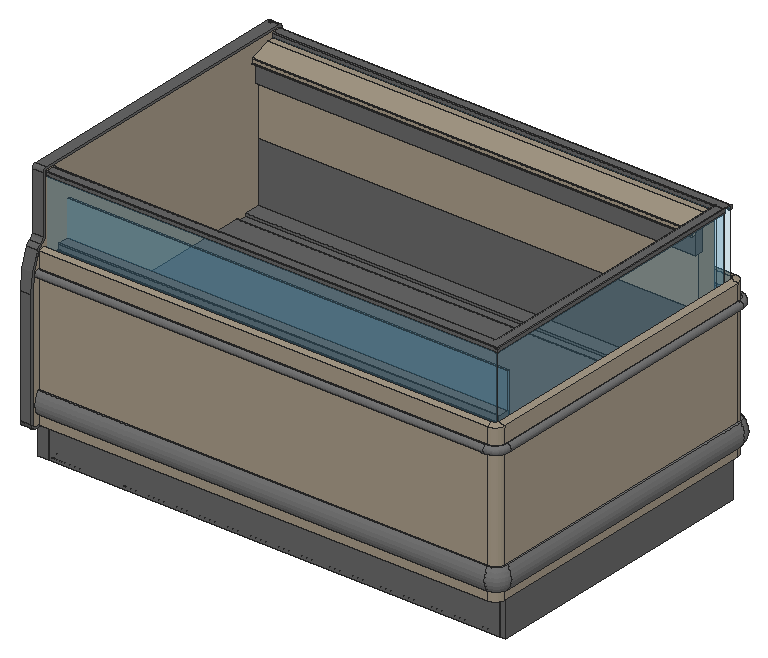
Revit family "ONIZGG - All Opened cases - Linked Data", category Mechanical Equipment, Revit 2019
Family settings
  Round Connector Dimension = Use Radius
  Part Type = Normal
  OmniClass Number = 23.40.40.11.17
  OmniClass Title = Refrigerated Cases
  Work Plane-Based = Yes
  Always vertical = Yes
  Cut with Voids When Loaded = No
  Shared = No
  Room Calculation Point = No
Parameters (values of type "05' - Open - Low Temp")
  Width = 44 1/8"  # constant formula
  URL = "http://www.hillphoenix.com/?s=ONIZGG"
  TOP REFRIGERATION PIPING = yes
  TOP ELECTRICAL = yes
  TOEKICK [instance] = BLACK PAINTED METAL
  STAINLESS STEEL = GALVANIZED STEEL
  RT STD END = yes
  REFRIGERATION PIPING = COPPER PIPE
  RUBBER BUMPER [instance] = BLACK
  REAR REFRIGERATION PIPING = yes
  PAINTED METAL UPPER SHELF = PAINTED SHELVES
  PAINTED METAL INTERIOR [instance] = GALVANIZED STEEL
  PAINTED METAL EXTERIOR [instance] = CHARCOAL BROWN
  Model = "ONIZGG"  # constant formula
  Manufacturer = "HILL PHOENIX"  # constant formula
  Length = 60"
  Legend Number = Model  # "ONIZGG"
  LF STD END = yes
  Keynote = ""  # constant formula
  Item Description = Description  # "ONIZGG - Island case"
  Island Tank/Drain Heater Watts = 15 W  # constant formula
  Island Tank/Drain Heater Amps = 0.13 A  # constant formula
  Island Superheat @ Bulb Set Point (°F) = "3-5 °F"
  Island Run-Off Time (Min) = "13-15 (Min)"  # constant formula
  Island Hot Gas Termination Temp (F°) = 60 °F  # constant formula
  Island Hot Gas Fail-Safe (Min) = "10 (Min)"  # constant formula
  Island High Efficiency Fans Watts = 22 W
  Island High Efficiency Fans Amps = 0.3 A
  Island Fans Per Case = 2
  Island Evaporator (°F) = -22 °F
  Island Electric Termination Temp (F°) = 47 °F  # constant formula
  Island Electric Fail-Safe = "35 (Min)"  # constant formula
  Island Discharge Air(°F) = -10 °F
  Island Discharge Air Velocity (FPM) = 255 FPM  # constant formula
  Island BTUH Parallel = 530
  Island BTUH Conventional = 553
  Island Application = "Opened Low Temp Case"
  Island Anti-Condensate Heaters Watts = 203 W
  Island Anti-Condensate Heaters Amps = 1.69 A
  Island 240 Defrost Heaters Watts = 1997 W
  Island 240 Defrost Heaters Amps = 8.32 A
  Island 208V Defrost Heaters Watts = 1500 A
  Island 208V Defrost Heaters Amps = 7.21 A
  Island  Case Length = 60"
  How Many Defrosts Per Day = 2  # constant formula
  Height = 35 3/4"  # constant formula
  GLASS = Glass
  EQUIPMENT MARK = Legend Number  # "ONIZGG"
  EQUIPMENT DESCRIPTION = Item Description  # "ONIZGG - Island case"
  END [instance] = yes
  Description = "ONIZGG - Island case"  # constant formula
  Default Elevation = 48"
  DRAIN PIPING = yes
  DESIGNERS NAME = "SHIDDRAMESH"  # constant formula
  DATE = "04/28/2016"  # constant formula
  Certifications = "NSF 7, UL471, CSA"  # constant formula
  Case Type/Application = "Closed Low Temp Case"  # constant formula
  CENTER LINE = Length / 2  # 30"
  BOTTOM REFRIGERATION PIPING = yes
  BOTTOM ELECTRICAL = yes
  BASE [instance] = BLACK PAINTED METAL
  Assembly Code = ""
Types (8): name | Length | Island Superheat @ Bulb Set Point (°F) | Island High Efficiency Fans Watts | Island High Efficiency Fans Amps | Island Fans Per Case | Island Evaporator (°F) | Island Discharge Air(°F) | Island BTUH Parallel | Island BTUH Conventional | Island Application | Island Anti-Condensate Heaters Watts | Island Anti-Condensate Heaters Amps | Island 240 Defrost Heaters Watts | Island 240 Defrost Heaters Amps | Island 208V Defrost Heaters Watts | Island 208V Defrost Heaters Amps | Island  Case Length | CENTER LINE
  05' - Open - Low Temp | 60" | "3-5 °F" | 22 W | 0.3 A | 2 | -22 °F | -10 °F | 530 | 553 | "Opened Low Temp Case" | 203 W | 1.69 A | 1997 W | 8.32 A | 1500 A | 7.21 A | 60" | 30"
  08' - Open - Low Temp | 96" | "3-5 °F" | 33 W | 0.45 A | 3 | -22 °F | -10 °F | 530 | 553 | "Opened Low Temp Case" | 305 W | 2.54 A | 3195 W | 13.32 A | 2400 A | 11.55 A | 96" | 48"
  12' - Open - Low Temp | 144" | "3-5 °F" | 44 W | 0.6 A | 4 | -22 °F | -10 °F | 530 | 553 | "Opened LowTemp Case" | 417 W | 3.48 A | 4795 W | 19.98 A | 3600 A | 17.31 A | 144" | 72"
  06' - Open - Low Temp | 72" | "3-5 °F" | 22 W | 0.3 A | 2 | -22 °F | -10 °F | 530 | 553 | "Opened Low Temp Case" | 271 W | 2.33 A | 2396 W | 9.98 A | 1800 A | 8.64 A | 72" | 36"
  05' - Open - Medium Temp | 60" | "6-8 °F" | 22 W | 0.3 A | 2 | 22 °F | 29 °F | 284 | 290 | "Opened MediumTemp Case" | 203 W | 1.69 A | 1997 W | 8.32 A | 1500 A | 7.21 A | 60" | 30"
  06' - Open - Medium Temp | 72" | "6-8 °F" | 22 W | 0.3 A | 2 | 22 °F | 29 °F | 284 | 290 | "Opened MediumTemp Case" | 271 W | 2.33 A | 2396 W | 9.98 A | 1800 A | 8.64 A | 72" | 36"
  08' - Open - Medium Temp | 96" | "6-8 °F" | 33 W | 0.45 A | 3 | 22 °F | 29 °F | 284 | 290 | "Opened MediumTemp Case" | 305 W | 2.54 A | 3195 W | 13.32 A | 2400 A | 11.55 A | 96" | 48"
  12' - Open - Medium Temp | 144" | "6-8 °F" | 44 W | 0.6 A | 4 | 22 °F | 29 °F | 284 | 290 | "Opened MediumTemp Case" | 417 W | 3.48 A | 4795 W | 19.98 A | 3600 A | 17.31 A | 144" | 72"
Reference planes (in)
  plane 1: z = 0.01963
  plane 2 "LEFT": x = 0
  plane 3 "CASE RIGHT": x = 63.75
  plane 4: x = 60
  plane 5: x = 60.57031
  plane 6: x = 61.92578
  plane 7: z = 7.95995
  plane 8: x = 30
  plane 9: z = 43.70995
  plane 10: y = -37.86994
  plane 11: y = -59.91267
  plane 12: y = -15.82721
Forms (in)
  Sweep 1, solid, material "CHARCOAL BROWN" <- "PAINTED METAL EXTERIOR"
    path origin (0, 0, 21) x (1, 0, 0) y (0, 1, 0)
      loop
        line (0, -15.80744) -> (61.65, -15.80744)
        arc (61.65, -15.80744) -> (63.13492, -16.42251) -> (63.75, -17.90744) r 2.1
        line (63.75, -17.90744) -> (63.75, -57.83244)
        arc (63.75, -57.83244) -> (63.13492, -59.31736) -> (61.65, -59.93244) r 2.1
        line (61.65, -59.93244) -> (0, -59.93244)
    profile origin (30.825, -59.93244, 21) x (0, -1, 0) y (0, 0, 1)
      loop
        line (-1.55662, 13.70995) -> (-1.55662, -7.9288) -> (-0.76477, -7.9288) -> (-0.76477, 13.41808) -> (-1.55662, 13.70995)
  Extrusion 2, solid, material "BLACK PAINTED METAL" <- "BASE"
    sketch origin (4.25, 0, 0) x (0, 1, 0) y (0, 0, 1)
      loop
        line (-22.02267, 13.0712) -> (-53.67767, 13.0712) -> (-53.67767, 8.16295)
        arc (-53.67767, 8.16295) -> (-53.65014, 8.09648) -> (-53.58367, 8.06895) r 0.094
        line (-53.58367, 8.06895) -> (-52.15733, 8.06895) -> (-52.15733, 9.00895) -> (-51.58605, 9.00895)
        arc (-51.58605, 9.00895) -> (-51.40927, 9.08217) -> (-51.33605, 9.25895) r 0.25
        line (-51.33605, 9.25895) -> (-51.33605, 10.90645) -> (-24.33501, 10.90645) -> (-24.33501, 9.25895)
        arc (-24.33501, 9.25895) -> (-24.26178, 9.08217) -> (-24.08501, 9.00895) r 0.25
        line (-24.08501, 9.00895) -> (-23.54301, 9.00895) -> (-23.54301, 8.06895) -> (-22.11667, 8.06895)
        arc (-22.11667, 8.06895) -> (-22.0502, 8.09648) -> (-22.02267, 8.16295) r 0.094
        line (-22.02267, 8.16295) -> (-22.02267, 13.0712)
    from -4.26555 to 57.67578
  Sweep 3, solid, material "Glass" <- "GLASS"
    path origin (0, 0, 19.75) x (1, 0, 0) y (0, 1, 0)
      loop
        line (64.125, -18.93244) -> (64.125, -59.93244) -> (0, -59.93244)
    profile origin (32.0625, -59.93244, 19.75) x (0, -1, 0) y (0, 0, 1)
      loop
        line (-3.17852, 23.95995) -> (-3.17852, 13.3372) -> (-2.11604, 13.3372) -> (-2.11604, 23.95995) -> (-3.17852, 23.95995)
  Sweep 4, solid, material "BLACK PAINTED METAL" <- "BASE"
    path origin (0, 0, 33.25) x (1, 0, 0) y (0, 1, 0)
      loop
        line (64, -18.93244) -> (64, -59.93244) -> (0, -59.93244)
    profile origin (32, -59.93244, 33.25) x (0, -1, 0) y (0, 0, 1)
      loop
        arc (-2.06075, 9.92491) -> (-1.99428, 9.89461) -> (-1.94781, 9.95098) r 0.06
        line (-1.94781, 9.95098) -> (-1.93056, 10.44503)
        arc (-1.93056, 10.44503) -> (-1.95604, 10.51142) -> (-2.0215, 10.5392) r 0.091
        line (-2.0215, 10.5392) -> (-3.17221, 10.5392)
        arc (-3.17221, 10.5392) -> (-3.23655, 10.51255) -> (-3.26321, 10.4482) r 0.091
        line (-3.26321, 10.4482) -> (-3.26321, 9.9762) -> (-3.17727, 9.9762) -> (-3.17727, 10.45995) -> (-2.11477, 10.45995) -> (-2.11477, 10.0265) -> (-2.06075, 9.92491)
  Extrusion 5, solid, material "BLACK PAINTED METAL" <- "BASE"
    sketch origin (0, 0, 0) x (0, 1, 0) y (0, 0, 1)
      loop
        line (-21.61719, 31.83495) -> (-21.61719, 23.5962) -> (-23.71094, 23.5962) -> (-23.71094, 22.91954) -> (-51.93394, 22.91954) -> (-51.93394, 23.61554) -> (-53.99042, 23.61554) -> (-53.99042, 32.7002) -> (-54.36542, 32.7002) -> (-54.36542, 33.0872) -> (-56.07128, 33.0872) -> (-56.07128, 21.49736)
        arc (-56.07128, 21.49736) -> (-54.24661, 17.1682) -> (-49.86126, 15.48303) r 5.99639
        line (-49.86126, 15.48303) -> (-25.40804, 16.35496)
        arc (-25.40804, 16.35496) -> (-21.3014, 18.18336) -> (-19.61744, 22.35131) r 6
        line (-19.61744, 22.35131) -> (-19.61744, 31.83495) -> (-21.61719, 31.83495)
    from 0 to 61.92578
  Extrusion 6, solid, material "Glass" <- "GLASS"
    sketch origin (0, 0, 0) x (0, 1, 0) y (0, 0, 1)
      loop
        line (-54.34565, 38.8462) -> (-54.34565, 32.7002) -> (-53.97065, 32.7002) -> (-53.97065, 38.8462) -> (-54.34565, 38.8462)
    from 0 to 60.57031
  Extrusion 7, solid, material "BLACK PAINTED METAL" <- "BASE"
    sketch origin (0, 0, 0) x (0, 1, 0) y (0, 0, 1)
      loop
        line (-54.36542, 33.0872) -> (-54.36542, 33.9672) -> (-55.7801, 33.9672)
        arc (-55.7801, 33.9672) -> (-55.81865, 33.95124) -> (-55.83462, 33.91269) r 0.05451
        line (-55.83462, 33.91269) -> (-55.83462, 33.12848)
        arc (-55.83462, 33.12848) -> (-55.82253, 33.09929) -> (-55.79334, 33.0872) r 0.04128
        line (-55.79334, 33.0872) -> (-54.36542, 33.0872)
    from 0 to 60.57031
  Extrusion 8, solid, material "CHARCOAL BROWN" <- "PAINTED METAL EXTERIOR"
    sketch origin (0, 0, 0) x (0, 1, 0) y (0, 0, 1)
      loop
        line (-22.03221, 41.37973) -> (-22.03221, 41.8462) -> (-21.09471, 41.8462) -> (-21.09471, 38.8462) -> (-21.61719, 38.8462) -> (-21.61719, 31.83495) -> (-19.61744, 31.83495) -> (-19.61744, 33.0872) -> (-18.98596, 33.0872) -> (-18.98596, 43.0587) -> (-19.95977, 43.0587)
        arc (-19.95977, 43.0587) -> (-19.97558, 43.05732) -> (-19.9909, 43.05321) r 0.091
        line (-19.9909, 43.05321) -> (-22.54244, 42.12453)
        arc (-22.54244, 42.12453) -> (-22.58586, 42.09121) -> (-22.60232, 42.03901) r 0.091
        line (-22.60232, 42.03901) -> (-22.60232, 41.47073)
        arc (-22.60232, 41.47073) -> (-22.57567, 41.40639) -> (-22.51132, 41.37973) r 0.091
        line (-22.51132, 41.37973) -> (-22.03221, 41.37973)
    from 0 to 60.57031
  Extrusion 9, solid, material "BLACK PAINTED METAL" <- "BASE"
    sketch origin (0, 0, 0) x (0, 1, 0) y (0, 0, 1)
      loop
        line (-22.03221, 41.8462) -> (-22.03221, 38.8462) -> (-21.09471, 38.8462) -> (-21.09471, 41.8462) -> (-22.03221, 41.8462)
    from 0 to 60.57031
  Extrusion 10, solid, material "BLACK PAINTED METAL" <- "BASE"
    sketch origin (0, -0.03125, 0) x (0, 1, 0) y (0, 0, 1)
      loop
        line (-51.97617, 8.16295) -> (-51.97617, 8.94045) -> (-52.08517, 8.94045) -> (-52.08517, 8.16295)
        arc (-52.08517, 8.16295) -> (-52.1127, 8.09648) -> (-52.17917, 8.06895) r 0.094
        line (-52.17917, 8.06895) -> (-53.55367, 8.06895)
        arc (-53.55367, 8.06895) -> (-53.62014, 8.09648) -> (-53.64767, 8.16295) r 0.094
        line (-53.64767, 8.16295) -> (-53.64767, 8.93995) -> (-53.76741, 8.93995) -> (-53.76741, 8.16295)
        arc (-53.76741, 8.16295) -> (-53.70796, 8.01941) -> (-53.56441, 7.95995) r 0.203
        line (-53.56441, 7.95995) -> (-52.17917, 7.95995)
        arc (-52.17917, 7.95995) -> (-52.03562, 8.01941) -> (-51.97617, 8.16295) r 0.203
      loop
        arc (-23.69417, 8.16295) -> (-23.63471, 8.01941) -> (-23.49117, 7.95995) r 0.203
        line (-23.49117, 7.95995) -> (-22.11667, 7.95995)
        arc (-22.11667, 7.95995) -> (-21.97312, 8.01941) -> (-21.91367, 8.16295) r 0.203
        line (-21.91367, 8.16295) -> (-21.91367, 8.93995) -> (-22.02267, 8.93995) -> (-22.02267, 8.16295)
        arc (-22.02267, 8.16295) -> (-22.0502, 8.09648) -> (-22.11667, 8.06895) r 0.094
        line (-22.11667, 8.06895) -> (-23.49117, 8.06895)
        arc (-23.49117, 8.06895) -> (-23.55764, 8.09648) -> (-23.58517, 8.16295) r 0.094
        line (-23.58517, 8.16295) -> (-23.58517, 8.94045) -> (-23.69417, 8.94045) -> (-23.69417, 8.16295)
    from 0 to 61.92578
  Extrusion 11, solid, material "BLACK PAINTED METAL" <- "BASE"
    sketch origin (0, 0, 0) x (0, 1, 0) y (0, 0, 1)
      loop
        line (-53.67892, 11.5632) -> (-53.75567, 11.5632) -> (-53.75567, 12.7882)
        arc (-53.75567, 12.7882) -> (-53.79228, 12.87659) -> (-53.88067, 12.9132) r 0.125
        line (-53.88067, 12.9132) -> (-56.31518, 12.9132)
        arc (-56.31518, 12.9132) -> (-56.39472, 12.88025) -> (-56.42767, 12.80071) r 0.11249
        line (-56.42767, 12.80071) -> (-56.42767, 8.3972)
        arc (-56.42767, 8.3972) -> (-56.38198, 8.28689) -> (-56.27167, 8.2412) r 0.156
        line (-56.27167, 8.2412) -> (-55.643, 8.2412)
        arc (-55.643, 8.2412) -> (-55.60687, 8.24444) -> (-55.5719, 8.25406) r 0.203
        line (-55.5719, 8.25406) -> (-53.67892, 8.96182) -> (-53.67892, 11.5632)
      loop
        line (-22.02267, 11.5632) -> (-22.02267, 8.9735) -> (-20.09843, 8.25406)
        arc (-20.09843, 8.25406) -> (-20.06346, 8.24444) -> (-20.02734, 8.2412) r 0.203
        line (-20.02734, 8.2412) -> (-19.42867, 8.2412)
        arc (-19.42867, 8.2412) -> (-19.31836, 8.28689) -> (-19.27267, 8.3972) r 0.156
        line (-19.27267, 8.3972) -> (-19.27267, 12.80071)
        arc (-19.27267, 12.80071) -> (-19.30561, 12.88025) -> (-19.38516, 12.9132) r 0.11249
        line (-19.38516, 12.9132) -> (-21.81967, 12.9132)
        arc (-21.81967, 12.9132) -> (-21.90806, 12.87659) -> (-21.94467, 12.7882) r 0.125
        line (-21.94467, 12.7882) -> (-21.94467, 11.5632) -> (-22.02267, 11.5632)
    from 0 to 61.92578
  Extrusion 12, solid, material "BLACK PAINTED METAL" <- "BASE"
    sketch origin (0, 0, 0) x (0, 1, 0) y (0, 0, 1)
      loop
        line (-19.27617, 8.58495) -> (-19.27617, 8.01995)
        arc (-19.27617, 8.01995) -> (-19.25859, 7.97753) -> (-19.21617, 7.95995) r 0.06
        line (-19.21617, 7.95995) -> (-18.83809, 7.95995)
        arc (-18.83809, 7.95995) -> (-18.7943, 7.97809) -> (-18.77617, 8.02187) r 0.06192
        line (-18.77617, 8.02187) -> (-18.77617, 12.89995)
        arc (-18.77617, 12.89995) -> (-18.79374, 12.94238) -> (-18.83617, 12.95995) r 0.06
        line (-18.83617, 12.95995) -> (-19.26068, 12.95995)
        arc (-19.26068, 12.95995) -> (-19.31335, 12.93813) -> (-19.33517, 12.88547) r 0.07449
        line (-19.33517, 12.88547) -> (-19.33517, 8.58495) -> (-19.27617, 8.58495)
      loop
        line (-56.42417, 8.58495) -> (-56.36517, 8.58495) -> (-56.36517, 12.88547)
        arc (-56.36517, 12.88547) -> (-56.38698, 12.93813) -> (-56.43965, 12.95995) r 0.07449
        line (-56.43965, 12.95995) -> (-56.86417, 12.95995)
        arc (-56.86417, 12.95995) -> (-56.90659, 12.94238) -> (-56.92417, 12.89995) r 0.06
        line (-56.92417, 12.89995) -> (-56.92417, 8.02187)
        arc (-56.92417, 8.02187) -> (-56.90603, 7.97809) -> (-56.86225, 7.95995) r 0.06192
        line (-56.86225, 7.95995) -> (-56.48417, 7.95995)
        arc (-56.48417, 7.95995) -> (-56.44174, 7.97753) -> (-56.42417, 8.01995) r 0.06
        line (-56.42417, 8.01995) -> (-56.42417, 8.58495)
    from 0 to 61.92578
  Extrusion 13, solid, material "BLACK PAINTED METAL" <- "BASE"
    sketch origin (0, 0, 0) x (0, 1, 0) y (0, 0, 1)
      loop
        line (-56.92417, 12.83381) -> (-57.35017, 12.83381) -> (-57.35017, 7.95995) -> (-56.92417, 7.95995) -> (-56.92417, 12.83381)
      loop
        line (-18.77617, 12.83381) -> (-18.77617, 7.95995) -> (-18.35017, 7.95995) -> (-18.35017, 12.83381) -> (-18.77617, 12.83381)
    from 0 to 61.92578
  Extrusion 14, solid, material "BLACK PAINTED METAL" <- "BASE"
    sketch origin (0, 0, 0) x (0, 1, 0) y (0, 0, 1)
      loop
        arc (-19.61744, 22.35131) -> (-21.3014, 18.18336) -> (-25.40804, 16.35496) r 6
        line (-25.40804, 16.35496) -> (-49.86126, 15.48303)
        arc (-49.86126, 15.48303) -> (-54.24661, 17.1682) -> (-56.07128, 21.49736) r 5.99639
        line (-56.07128, 21.49736) -> (-56.07128, 33.0872) -> (-58.37582, 33.0872) -> (-58.37582, 18.34348) -> (-52.09256, 13.0712) -> (-17.36406, 13.0712) -> (-17.36406, 33.0872) -> (-19.61744, 33.0872) -> (-19.61744, 22.35131)
    from 0 to 61.92578
  Extrusion 15, solid, material "BLACK PAINTED METAL" <- "BASE"
    sketch origin (0, 0, 0) x (0, 1, 0) y (0, 0, 1)
      loop
        line (-58.10907, 18.11965) -> (-58.10907, 13.0712) -> (-52.09256, 13.0712) -> (-58.10907, 18.11965)
    from 0 to 61.92578
  Extrusion 16, solid, material "BLACK PAINTED METAL" <- "BASE"
    sketch origin (0, 0, 0) x (0, 1, 0) y (0, 0, 1)
      loop
        arc (-24.86617, 23.1947) -> (-25.01258, 23.24206) -> (-25.10352, 23.3662) r 0.25
        arc (-25.10352, 23.3662) -> (-25.19446, 23.49034) -> (-25.34088, 23.5377) r 0.25
        line (-25.34088, 23.5377) -> (-50.07946, 23.5377)
        arc (-50.07946, 23.5377) -> (-50.22587, 23.49034) -> (-50.31681, 23.3662) r 0.25
        arc (-50.31681, 23.3662) -> (-50.40775, 23.24206) -> (-50.55417, 23.1947) r 0.25
        line (-50.55417, 23.1947) -> (-51.67917, 23.1947) -> (-51.67917, 23.1017) -> (-23.74117, 23.1017) -> (-23.74117, 23.1947) -> (-24.86617, 23.1947)
    from 0 to 61.92578
  Sweep 17, solid, material "BLACK" <- "RUBBER BUMPER"
    path origin (1.75, 0, 46.5) x (1, 0, 0) y (0, 1, 0)
      loop
        line (-1.75, -15.80744) -> (59.9, -15.80744)
        arc (59.9, -15.80744) -> (61.38492, -16.42251) -> (62, -17.90744) r 2.1
        line (62, -17.90744) -> (62, -57.83244)
        arc (62, -57.83244) -> (61.38492, -59.31736) -> (59.9, -59.93244) r 2.1
        line (59.9, -59.93244) -> (-1.75, -59.93244)
    profile origin (30.825, -59.93244, 46.5) x (0, -1, 0) y (0, 0, 1)
      loop
        line (-0.76477, -15.1498) -> (-0.51977, -15.1498)
        arc (-0.51977, -15.1498) -> (-0.01977, -14.6498) -> (-0.51977, -14.1498) r 0.5
        line (-0.51977, -14.1498) -> (-0.76477, -14.1498) -> (-0.76477, -15.1498)
  Extrusion 18, solid, material "BLACK PAINTED METAL" <- "BASE"
    sketch origin (97.42578, 0, 0) x (0, 1, 0) y (0, 0, 1)
      loop
        line (-57.35017, 13.0712) -> (-57.35017, 7.95995) -> (-18.35017, 7.95995) -> (-18.35017, 13.0712) -> (-57.35017, 13.0712)
    from -34.7073 to -35.5
  Extrusion 19, solid, material "CHARCOAL BROWN" <- "PAINTED METAL EXTERIOR", visible <- "LF STD END"
    sketch origin (0, 0, 0) x (0, 1, 0) y (0, 0, 1)
      loop
        arc (-16.59179, 34.48784) -> (-16.76452, 34.73244) -> (-17.01918, 34.88997) r 0.75
        arc (-17.01918, 34.88997) -> (-17.49376, 35.25634) -> (-17.67348, 35.82831) r 1
        line (-17.67348, 35.82831) -> (-17.67348, 43.6837)
        arc (-17.67348, 43.6837) -> (-17.7467, 43.86048) -> (-17.92348, 43.9337) r 0.25
        line (-17.92348, 43.9337) -> (-57.81639, 43.9337)
        arc (-57.81639, 43.9337) -> (-57.99317, 43.86048) -> (-58.06639, 43.6837) r 0.25
        line (-58.06639, 43.6837) -> (-58.06639, 35.82831)
        arc (-58.06639, 35.82831) -> (-58.24612, 35.25634) -> (-58.72069, 34.88997) r 1
        arc (-58.72069, 34.88997) -> (-58.97535, 34.73244) -> (-59.14809, 34.48784) r 0.75
        arc (-59.14809, 34.48784) -> (-59.92106, 32.07823) -> (-60.18244, 29.56121) r 12.25
        line (-60.18244, 29.56121) -> (-60.18244, 13.5712)
        arc (-60.18244, 13.5712) -> (-60.03599, 13.21765) -> (-59.68244, 13.0712) r 0.5
        line (-59.68244, 13.0712) -> (-16.05744, 13.0712)
        arc (-16.05744, 13.0712) -> (-15.70388, 13.21765) -> (-15.55744, 13.5712) r 0.5
        line (-15.55744, 13.5712) -> (-15.55744, 29.56121)
        arc (-15.55744, 29.56121) -> (-15.81881, 32.07823) -> (-16.59179, 34.48784) r 12.25
    from 0 to -1.5
  Extrusion 20, solid, material "BLACK PAINTED METAL" <- "BASE", visible <- "LF STD END"
    sketch origin (0, 0, 0) x (0, 1, 0) y (0, 0, 1)
      loop
        arc (-16.59179, 34.48784) -> (-15.81881, 32.07823) -> (-15.55744, 29.56121) r 12.25
        line (-15.55744, 29.56121) -> (-15.55744, 13.5712)
        arc (-15.55744, 13.5712) -> (-15.70388, 13.21765) -> (-16.05744, 13.0712) r 0.5
        line (-16.05744, 13.0712) -> (-18.35017, 13.0712) -> (-18.35017, 12.8212) -> (-16.05744, 12.8212)
        arc (-16.05744, 12.8212) -> (-15.52711, 13.04087) -> (-15.30744, 13.5712) r 0.75
        line (-15.30744, 13.5712) -> (-15.30744, 29.56121)
        arc (-15.30744, 29.56121) -> (-15.57415, 32.1296) -> (-16.3629, 34.58838) r 12.5
        arc (-16.3629, 34.58838) -> (-16.59321, 34.91452) -> (-16.93276, 35.12455) r 1
        arc (-16.93276, 35.12455) -> (-17.28869, 35.39933) -> (-17.42348, 35.82831) r 0.75
        line (-17.42348, 35.82831) -> (-17.42348, 43.6837)
        arc (-17.42348, 43.6837) -> (-17.56993, 44.03725) -> (-17.92348, 44.1837) r 0.5
        line (-17.92348, 44.1837) -> (-57.81639, 44.1837)
        arc (-57.81639, 44.1837) -> (-58.16995, 44.03725) -> (-58.31639, 43.6837) r 0.5
        line (-58.31639, 43.6837) -> (-58.31639, 35.82831)
        arc (-58.31639, 35.82831) -> (-58.45119, 35.39933) -> (-58.80712, 35.12455) r 0.75
        arc (-58.80712, 35.12455) -> (-59.14667, 34.91452) -> (-59.37698, 34.58838) r 1
        arc (-59.37698, 34.58838) -> (-60.16573, 32.1296) -> (-60.43244, 29.56121) r 12.5
        line (-60.43244, 29.56121) -> (-60.43244, 13.5712)
        arc (-60.43244, 13.5712) -> (-60.21277, 13.04087) -> (-59.68244, 12.8212) r 0.75
        line (-59.68244, 12.8212) -> (-57.32017, 12.8212) -> (-57.32017, 13.0712) -> (-59.68244, 13.0712)
        arc (-59.68244, 13.0712) -> (-60.03599, 13.21765) -> (-60.18244, 13.5712) r 0.5
        line (-60.18244, 13.5712) -> (-60.18244, 29.56121)
        arc (-60.18244, 29.56121) -> (-59.92106, 32.07823) -> (-59.14809, 34.48784) r 12.25
        arc (-59.14809, 34.48784) -> (-58.97535, 34.73244) -> (-58.72069, 34.88997) r 0.75
        arc (-58.72069, 34.88997) -> (-58.24612, 35.25634) -> (-58.06639, 35.82831) r 1
        line (-58.06639, 35.82831) -> (-58.06639, 43.6837)
        arc (-58.06639, 43.6837) -> (-57.99317, 43.86048) -> (-57.81639, 43.9337) r 0.25
        line (-57.81639, 43.9337) -> (-17.92348, 43.9337)
        arc (-17.92348, 43.9337) -> (-17.7467, 43.86048) -> (-17.67348, 43.6837) r 0.25
        line (-17.67348, 43.6837) -> (-17.67348, 35.82831)
        arc (-17.67348, 35.82831) -> (-17.49376, 35.25634) -> (-17.01918, 34.88997) r 1
        arc (-17.01918, 34.88997) -> (-16.76452, 34.73244) -> (-16.59179, 34.48784) r 0.75
    from 0 to -1.5
  Extrusion 21, solid, material "BLACK PAINTED METAL" <- "BASE", visible <- "LF STD END"
    sketch origin (0, 0, 0) x (0, 1, 0) y (0, 0, 1)
      loop
        line (-57.35017, 13.0712) -> (-57.35017, 7.95995) -> (-18.35017, 7.95995) -> (-18.35017, 13.0712) -> (-57.35017, 13.0712)
    from 0 to -1.5
  Extrusion 22, void
    sketch origin (4.25, -24.33501, 10.90645) x (0, 1, 0) y (-1, 0, 0)
      loop
        circle (-22.82417, -25.75) r 2
    from 0 to 4
  Extrusion 23, void
    sketch origin (4.25, -24.33501, 10.90645) x (0, 1, 0) y (-1, 0, 0)
      loop
        circle (-22.69917, -47.0625) r 2
    from 0 to 4
  Extrusion 24, solid, material "BLACK PAINTED METAL" <- "BASE", visible <- "BOTTOM ELECTRICAL"
    sketch origin (0, 0, 0) x (1, 0, 0) y (0, 1, 0)
      loop
        line (5.25, -55.65448) -> (5.25, -57.15448) -> (9.75, -57.15448) -> (9.75, -55.65448) -> (5.25, -55.65448)
    from 11.06415 to 10.81415
  Sweep 25, void
    path origin (0, 0, 0) x (0, 1, 0) y (0, 0, 1)
      loop
        line (-58.32017, 7.95995) -> (-58.32017, 11.06415)
    profile origin (0, -58.32017, 9.51205) x (0, -1, 0) y (1, 0, 0)
      loop
        line (-2.66569, 5.25) -> (-1.16569, 5.25) -> (-1.16569, 9.75) -> (-2.66569, 9.75) -> (-2.66569, 5.25)
  Extrusion 26, solid, material "COPPER PIPE" <- "REFRIGERATION PIPING", visible <- "DRAIN PIPING"
    sketch origin (0, 0, 0) x (1, 0, 0) y (0, 1, 0)
      loop
        circle (30, -47.18846) r 1.5
    from 14.90645 to 10.51716
  Extrusion 27, solid, material "COPPER PIPE" <- "REFRIGERATION PIPING", visible <- "BOTTOM REFRIGERATION PIPING"
    sketch origin (0, 0, 0) x (1, 0, 0) y (0, 1, 0)
      loop
        circle (52.27897, -47.06346) r 0.5
      loop
        circle (50.29689, -47.06346) r 0.375
    from 14.90645 to 10.51716
  Sweep 28, solid, material "BLACK" <- "RUBBER BUMPER"
    path origin (1.375, 0, 29.625) x (1, 0, 0) y (0, 1, 0)
      loop
        line (-1.375, -15.80744) -> (60.4, -15.80744)
        arc (60.4, -15.80744) -> (61.88492, -16.42251) -> (62.5, -17.90744) r 2.1
        line (62.5, -17.90744) -> (62.5, -57.83244)
        arc (62.5, -57.83244) -> (61.88492, -59.31736) -> (60.4, -59.93244) r 2.1
        line (60.4, -59.93244) -> (-1.375, -59.93244)
    profile origin (30.8875, -59.93244, 29.625) x (0, -1, 0) y (0, 0, 1)
      loop
        line (-0.76477, -15.1498) -> (-0.51977, -15.1498)
        spline (-0.51977, -15.1498) -> (-0.36141, -14.94024) -> (-0.23185, -14.72333) -> (-0.13108, -14.49907) -> (-0.05909, -14.26745) -> (-0.01591, -14.02848) -> (-0.00151, -13.78216) -> (-0.01591, -13.52848) -> (-0.05909, -13.26745) -> (-0.13108, -12.99907) -> (-0.23185, -12.72333) -> (-0.36141, -12.44024) -> (-0.51977, -12.1498)
        line (-0.51977, -12.1498) -> (-0.76477, -12.1498) -> (-0.76477, -15.1498)
  Sweep 29, solid, material "BLACK PAINTED METAL" <- "BASE"
    path origin (0, -75.74115, 33.25) x (1, 0, 0) y (0, 1, 0)
      loop
        line (62, 59.93244) -> (0, 59.93244)
    profile origin (31, -15.80871, 33.25) x (0, -1, 0) y (0, 0, 1)
      loop
        line (2.06075, 9.92491) -> (2.11477, 10.0265) -> (2.11477, 10.4047) -> (3.17727, 10.4047) -> (3.17727, 9.9762) -> (3.26321, 9.9762) -> (3.26321, 10.4482)
        arc (3.26321, 10.4482) -> (3.23655, 10.51255) -> (3.17221, 10.5392) r 0.091
        line (3.17221, 10.5392) -> (2.0215, 10.5392)
        arc (2.0215, 10.5392) -> (1.95604, 10.51142) -> (1.93056, 10.44503) r 0.091
        line (1.93056, 10.44503) -> (1.94781, 9.95098)
        arc (1.94781, 9.95098) -> (1.99428, 9.89461) -> (2.06075, 9.92491) r 0.06
  Sweep 30, solid, material "Glass" <- "GLASS"
    path origin (0, 38.83041, 19.75) x (1, 0, 0) y (0, 1, 0)
      loop
        line (62, -59.93244) -> (0, -59.93244)
    profile origin (31, -21.10202, 19.75) x (0, -1, 0) y (0, 0, 1)
      loop
        line (-3.17852, 23.9047) -> (-3.17852, 13.3372) -> (-2.11604, 13.3372) -> (-2.11604, 23.9047) -> (-3.17852, 23.9047)
Cuts and joins
  Extrusion 22, Extrusion 23 cuts Sweep 1
  Extrusion 22, Extrusion 23 cuts Extrusion 2
  Extrusion 22, Extrusion 23, Sweep 25 cuts Extrusion 11
  Extrusion 22, Extrusion 23, Sweep 25 cuts Extrusion 12
  Extrusion 22, Extrusion 23, Sweep 25 cuts Extrusion 13
  Extrusion 22, Extrusion 23 cuts Extrusion 14
  Extrusion 22, Extrusion 23 cuts Sweep 17
Dimensions and locks (in)
  "Length": plane 2 "LEFT" to plane 4
  locked: plane 3 "CASE RIGHT" to plane 4 at 3.75
  locked: plane 3 "CASE RIGHT" to plane 5 at 3.17969
  locked: plane 3 "CASE RIGHT" to plane 6 at 1.82422
  locked: plane 3 "CASE RIGHT" to Extrusion 18 at 1.03152
  plane 4 to plane 3 "CASE RIGHT" = 3 3/4"
  "CENTER LINE": plane 2 "LEFT" to plane 8
  locked: Extrusion 22 sketch curve to plane 8 at 0
  Extrusion 5 sketch curve to Extrusion 9 = 15 1/4"
  "Height": plane 9 to plane 7
  Extrusion 9 to Extrusion 5 = 15 1/4"
  Extrusion 21 to Extrusion 21 = 5.11125"
  cut or joined group of Sweep 1, Extrusion 22, Extrusion 23 to plane 7 = 26 3/4"
  plane 10 to Extrusion 21 = 19.48023"
  plane 10 to Extrusion 10 = 15.92873"
  plane 10 to cut or joined group of Extrusion 2, Extrusion 22, Extrusion 23 = 13.46611"
  Extrusion 5 to Extrusion 5 = 32.37323"
  Extrusion 8 to Extrusion 6 = 31.36833"
  plane 12 to plane 11 = 44.08546"
  aligned and locked: Extrusion 8 to Extrusion 6
  aligned and locked: Extrusion 6 to Extrusion 9
  aligned and locked: Extrusion 6 to Extrusion 7
  aligned and locked: Extrusion 8 to plane 5
  aligned and locked: plane 6 to Extrusion 5
  aligned and locked: Extrusion 14 to Extrusion 5
  aligned and locked: Extrusion 15 to Extrusion 5
  aligned and locked: Extrusion 5 to Extrusion 16
  aligned and locked: Extrusion 13 to Extrusion 12
  aligned and locked: Extrusion 12 to Extrusion 11
  aligned and locked: Extrusion 2 to Extrusion 11
  aligned and locked: Extrusion 10 to Extrusion 2
  aligned and locked: Extrusion 5 to Extrusion 18
  aligned and locked: Extrusion 13 to Extrusion 5
Automatic sketch dimensions
  Sweep 1 sketch curve to plane 2 "LEFT" = 0"  (x2)
  Sweep 1 sketch curve to plane 3 "CASE RIGHT" = 0"
  plane 6 to Sweep 1 sketch curve = 0.27578"  (x2)
  profile plane to Sweep 1 sketch curve = 1.55662"
  profile plane to Sweep 1 sketch curve = 0.76477"
  Sweep 1 sketch curve to profile plane = 7.9288"
  profile plane to Sweep 1 sketch curve = 13.41808"
  Sweep 1 sketch curve to Sweep 1 sketch curve = 0.29187"
  plane 7 to Extrusion 2 sketch curve = 0.109"
  Extrusion 2 sketch curve to Extrusion 2 sketch curve = 0.094"
  Extrusion 2 sketch curve to Extrusion 2 sketch curve = 1.42634"  (x2)
  Extrusion 2 sketch curve to Extrusion 2 sketch curve = 0.57128"
  Extrusion 2 sketch curve to Extrusion 2 sketch curve = 1/4"  (x2)
  plane 7 to Extrusion 2 sketch curve = 2.9465"
  Extrusion 2 sketch curve to Extrusion 2 sketch curve = 0.542"
  plane 7 to Extrusion 2 sketch curve = 0.203"
  Extrusion 2 sketch curve to Extrusion 2 sketch curve = 2.31234"
  plane 7 to Extrusion 2 sketch curve = 1.049"
  Extrusion 2 sketch curve to Extrusion 2 sketch curve = 0.94"
  Extrusion 2 sketch curve to Extrusion 2 sketch curve = 2.16475"
  Sweep 3 sketch curve to plane 2 "LEFT" = 0"
  plane 3 "CASE RIGHT" to Sweep 3 sketch curve = 3/8"
  profile plane to Sweep 3 sketch curve = 3.17852"
  Sweep 3 sketch curve to Sweep 3 sketch curve = 1.06248"
  profile plane to Sweep 3 sketch curve = 13.3372"
  Sweep 3 sketch curve to Sweep 3 sketch curve = 10.62275"
  Sweep 4 sketch curve to plane 2 "LEFT" = 0"
  plane 3 "CASE RIGHT" to Sweep 4 sketch curve = 1/4"
  profile plane to Sweep 4 sketch curve = 3.26321"
  Sweep 4 sketch curve to Sweep 4 sketch curve = 11/128"
  Sweep 4 sketch curve to Sweep 4 sketch curve = 0.00506"
  Sweep 4 sketch curve to Sweep 4 sketch curve = 1.05744"
  Sweep 4 sketch curve to Sweep 4 sketch curve = 0.05402"
  Sweep 4 sketch curve to Sweep 4 sketch curve = 0.09327"
  Sweep 4 sketch curve to Sweep 4 sketch curve = 0.05298"
  Sweep 4 sketch curve to Sweep 4 sketch curve = 0.05996"
  Sweep 4 sketch curve to Sweep 4 sketch curve = 0.09094"
  profile plane to Sweep 4 sketch curve = 9.92491"
  Sweep 4 sketch curve to Sweep 4 sketch curve = 0.02607"
  Sweep 4 sketch curve to Sweep 4 sketch curve = 0.05129"
  Sweep 4 sketch curve to Sweep 4 sketch curve = 0.10159"
  Sweep 4 sketch curve to Sweep 4 sketch curve = 0.43345"
  Sweep 4 sketch curve to Sweep 4 sketch curve = 0.01493"
  Sweep 4 sketch curve to Sweep 4 sketch curve = 0.00318"
  Extrusion 5 sketch curve to Extrusion 5 sketch curve = 1.70587"
  Extrusion 5 sketch curve to Extrusion 5 sketch curve = 2.08087"
  Extrusion 5 sketch curve to Extrusion 5 sketch curve = 2.05648"
  Extrusion 5 sketch curve to Extrusion 5 sketch curve = 1.859"
  Extrusion 5 sketch curve to Extrusion 5 sketch curve = 0.21368"
  Extrusion 5 sketch curve to Extrusion 5 sketch curve = 0.2094"
  Extrusion 5 sketch curve to Extrusion 5 sketch curve = 1.9065"
  Extrusion 5 sketch curve to Extrusion 5 sketch curve = 2 3/32"
  Extrusion 5 sketch curve to Extrusion 5 sketch curve = 1.99975"
  Extrusion 5 sketch curve to Extrusion 5 sketch curve = 0.67666"
  Extrusion 5 sketch curve to Extrusion 5 sketch curve = 0.56823"
  Extrusion 5 sketch curve to Extrusion 5 sketch curve = 1.42218"
  Extrusion 5 sketch curve to Extrusion 5 sketch curve = 1.44393"
  Extrusion 5 sketch curve to Extrusion 5 sketch curve = 0.696"
  Extrusion 5 sketch curve to Extrusion 5 sketch curve = 8.23875"
  Extrusion 5 sketch curve to Extrusion 5 sketch curve = 9.08466"
  Extrusion 5 sketch curve to Extrusion 5 sketch curve = 0.387"
  Extrusion 6 sketch curve to Extrusion 6 sketch curve = 3/8"
  Extrusion 7 sketch curve to Extrusion 7 sketch curve = 0.04128"
  Extrusion 7 sketch curve to Extrusion 7 sketch curve = 0.05451"
  Extrusion 7 sketch curve to Extrusion 7 sketch curve = 1.41469"
  Extrusion 7 sketch curve to Extrusion 7 sketch curve = 0.78421"
  Extrusion 8 sketch curve to Extrusion 8 sketch curve = 0.05988"
  Extrusion 8 sketch curve to Extrusion 8 sketch curve = 0.091"  (x2)
  Extrusion 8 sketch curve to Extrusion 8 sketch curve = 0.47911"
  Extrusion 8 sketch curve to Extrusion 8 sketch curve = 0.41502"
  Extrusion 8 sketch curve to Extrusion 8 sketch curve = 0.52248"
  Extrusion 8 sketch curve to Extrusion 8 sketch curve = 1.10381"
  Extrusion 8 sketch curve to Extrusion 8 sketch curve = 0.03112"
  Extrusion 8 sketch curve to Extrusion 8 sketch curve = 1.99975"
  Extrusion 8 sketch curve to Extrusion 8 sketch curve = 0.97382"
  Extrusion 8 sketch curve to Extrusion 8 sketch curve = 0.19281"
  Extrusion 8 sketch curve to Extrusion 8 sketch curve = 0.56828"
  Extrusion 8 sketch curve to Extrusion 8 sketch curve = 2.53353"
  Extrusion 8 sketch curve to Extrusion 8 sketch curve = 5.759"
  Extrusion 8 sketch curve to Extrusion 8 sketch curve = 1.25225"
  Extrusion 8 sketch curve to Extrusion 8 sketch curve = 0.08551"
  Extrusion 9 sketch curve to Extrusion 9 sketch curve = 15/16"
  Extrusion 10 sketch curve to Extrusion 10 sketch curve = 0"  (x7)
  Extrusion 10 sketch curve to plane 7 = 0"  (x2)
  plane 7 to Extrusion 10 sketch curve = 0.203"  (x2)
  Extrusion 10 sketch curve to Extrusion 10 sketch curve = 0.11975"
  Extrusion 10 sketch curve to Extrusion 10 sketch curve = 0.01075"
  plane 7 to Extrusion 10 sketch curve = 0.109"
  Extrusion 10 sketch curve to Extrusion 10 sketch curve = 1.3745"  (x2)
  Extrusion 10 sketch curve to Extrusion 10 sketch curve = 0.094"  (x2)
  Extrusion 10 sketch curve to Extrusion 10 sketch curve = 0.109"
  Extrusion 10 sketch curve to Extrusion 10 sketch curve = 0.777"  (x2)
  Extrusion 10 sketch curve to Extrusion 10 sketch curve = 0.7775"  (x2)
  plane 7 to Extrusion 11 sketch curve = 0.43725"
  Extrusion 11 sketch curve to Extrusion 11 sketch curve = 0.11249"
  Extrusion 11 sketch curve to Extrusion 11 sketch curve = 0.156"  (x2)
  Extrusion 11 sketch curve to Extrusion 11 sketch curve = 0.62867"
  plane 7 to Extrusion 11 sketch curve = 0.29411"  (x2)
  Extrusion 11 sketch curve to Extrusion 11 sketch curve = 0.07109"  (x2)
  Extrusion 11 sketch curve to Extrusion 11 sketch curve = 2.43451"  (x2)
  Extrusion 11 sketch curve to Extrusion 11 sketch curve = 1/8"  (x2)
  plane 7 to Extrusion 11 sketch curve = 1.00186"
  Extrusion 11 sketch curve to Extrusion 11 sketch curve = 1.89299"
  Extrusion 11 sketch curve to Extrusion 11 sketch curve = 0.078"
  Extrusion 11 sketch curve to Extrusion 11 sketch curve = 1.92424"
  Extrusion 11 sketch curve to Extrusion 11 sketch curve = 0.59867"
  Extrusion 11 sketch curve to Extrusion 11 sketch curve = 0.01286"
  plane 7 to Extrusion 11 sketch curve = 1.01355"
  Extrusion 11 sketch curve to Extrusion 11 sketch curve = 2.60139"
  Extrusion 11 sketch curve to Extrusion 11 sketch curve = 2.5897"
  Extrusion 11 sketch curve to Extrusion 11 sketch curve = 1.225"  (x2)
  Extrusion 12 sketch curve to plane 7 = 0"  (x2)
  plane 7 to Extrusion 12 sketch curve = 0.06192"  (x2)
  Extrusion 12 sketch curve to Extrusion 12 sketch curve = 0.06"  (x2)
  plane 7 to Extrusion 12 sketch curve = 0.06"  (x2)
  Extrusion 12 sketch curve to Extrusion 12 sketch curve = 0.37808"  (x2)
  Extrusion 12 sketch curve to Extrusion 12 sketch curve = 0.42451"
  Extrusion 12 sketch curve to Extrusion 12 sketch curve = 0.059"  (x2)
  plane 7 to Extrusion 12 sketch curve = 5/8"
  Extrusion 12 sketch curve to Extrusion 12 sketch curve = 0.07449"
  Extrusion 12 sketch curve to Extrusion 12 sketch curve = 0.565"
  Extrusion 12 sketch curve to Extrusion 12 sketch curve = 4.30051"  (x2)
  Extrusion 13 sketch curve to plane 7 = 0"  (x2)
  Extrusion 13 sketch curve to Extrusion 13 sketch curve = 0.426"  (x2)
  plane 7 to Extrusion 13 sketch curve = 4.87386"  (x2)
  Extrusion 14 sketch curve to Extrusion 14 sketch curve = 2.30453"
  Extrusion 14 sketch curve to Extrusion 14 sketch curve = 5.99635"
  Extrusion 14 sketch curve to Extrusion 14 sketch curve = 2.2313"
  Extrusion 14 sketch curve to Extrusion 14 sketch curve = 0.2094"
  plane 7 to Extrusion 14 sketch curve = 5.11125"
  Extrusion 14 sketch curve to Extrusion 14 sketch curve = 2.41183"
  plane 7 to Extrusion 14 sketch curve = 8.39501"
  Extrusion 14 sketch curve to Extrusion 14 sketch curve = 5.27228"
  Extrusion 14 sketch curve to Extrusion 14 sketch curve = 5.99258"
  Extrusion 15 sketch curve to Extrusion 15 sketch curve = 6.01651"
  plane 7 to Extrusion 15 sketch curve = 5.11125"
  Extrusion 15 sketch curve to Extrusion 15 sketch curve = 5.04845"
  Extrusion 16 sketch curve to Extrusion 16 sketch curve = 1 1/8"  (x2)
  Extrusion 16 sketch curve to Extrusion 16 sketch curve = 0.47471"  (x2)
  plane 7 to Extrusion 16 sketch curve = 15.14175"
  Extrusion 16 sketch curve to Extrusion 16 sketch curve = 0.093"  (x4)
  Extrusion 16 sketch curve to Extrusion 16 sketch curve = 1/4"  (x3)
  Sweep 17 sketch curve to plane 2 "LEFT" = 0"  (x2)
  Sweep 17 sketch curve to plane 3 "CASE RIGHT" = 0"
  plane 6 to Sweep 17 sketch curve = 0.27578"  (x2)
  profile plane to Sweep 17 sketch curve = 0.76477"
  Sweep 17 sketch curve to Sweep 17 sketch curve = 0.245"
  Sweep 17 sketch curve to profile plane = 15.1498"
  Sweep 17 sketch curve to Sweep 17 sketch curve = 1/2"
  Extrusion 18 sketch curve to plane 7 = 0"
  plane 7 to Extrusion 18 sketch curve = 5.11125"
  Extrusion 19 sketch curve to Extrusion 19 sketch curve = 1"  (x2)
  Extrusion 19 sketch curve to Extrusion 19 sketch curve = 10.52898"
  Extrusion 19 sketch curve to Extrusion 19 sketch curve = 1.6421"  (x2)
  Extrusion 19 sketch curve to Extrusion 19 sketch curve = 4 5/8"  (x2)
  plane 7 to Extrusion 19 sketch curve = 5.61125"
  Extrusion 19 sketch curve to Extrusion 19 sketch curve = 0"  (x2)
  Extrusion 20 sketch curve to Extrusion 20 sketch curve = 0"  (x29)
  Extrusion 20 sketch curve to Extrusion 20 sketch curve = 1/4"  (x5)
  Extrusion 20 sketch curve to Extrusion 20 sketch curve = 3/4"  (x2)
  Extrusion 20 sketch curve to Extrusion 20 sketch curve = 2.36227"
  Extrusion 20 sketch curve to Extrusion 20 sketch curve = 10.52898"
  Extrusion 20 sketch curve to Extrusion 20 sketch curve = 7.85539"
  Extrusion 20 sketch curve to Extrusion 20 sketch curve = 1.6421"  (x2)
  Extrusion 20 sketch curve to Extrusion 20 sketch curve = 4 5/8"  (x2)
  plane 7 to Extrusion 20 sketch curve = 5.61125"  (x2)
  Extrusion 21 sketch curve to plane 7 = 0"
  plane 7 to Extrusion 21 sketch curve = 5.11125"
  Extrusion 2 to Extrusion 22 sketch curve = 4.17687"
  Extrusion 2 to Extrusion 23 sketch curve = 4.30187"
  Extrusion 23 sketch curve to Extrusion 2 = 10 157/256"
  plane 2 "LEFT" to Extrusion 24 sketch curve = 5 1/4"
  Extrusion 24 sketch curve to Extrusion 24 sketch curve = 4 1/2"
  Extrusion 24 sketch curve to Extrusion 24 sketch curve = 1 1/2"
  Sweep 25 sketch curve to plane 7 = 0"
  plane 7 to Sweep 25 sketch curve = 3.1042"
  profile plane to Sweep 25 sketch curve = 2.66569"
  profile plane to Sweep 25 sketch curve = 1.16569"
  plane 2 "LEFT" to Sweep 25 sketch curve = 5 1/4"
  Sweep 25 sketch curve to Sweep 25 sketch curve = 4 1/2"
  Extrusion 26 sketch curve to plane 8 = 0"
  plane 4 to Extrusion 27 sketch curve = 9 45/64"
  Extrusion 27 sketch curve to Extrusion 27 sketch curve = 1.98207"
  Extrusion 27 sketch curve to Extrusion 27 sketch curve = 0"
  Sweep 28 sketch curve to plane 2 "LEFT" = 0"  (x2)
  plane 6 to Sweep 28 sketch curve = 0.15078"  (x2)
  plane 3 "CASE RIGHT" to Sweep 28 sketch curve = 1/8"
  profile plane to Sweep 28 sketch curve = 0.76477"
  Sweep 28 sketch curve to Sweep 28 sketch curve = 0.245"
  Sweep 28 sketch curve to profile plane = 15.1498"
  Sweep 28 sketch curve to Sweep 28 sketch curve = 3"
  Sweep 29 sketch curve to plane 2 "LEFT" = 0"
  Sweep 29 sketch curve to plane 6 = 19/256"
  Sweep 29 sketch curve to profile plane = 1.93056"
  Sweep 29 sketch curve to Sweep 29 sketch curve = 0.01725"
  Sweep 29 sketch curve to Sweep 29 sketch curve = 0.05996"
  Sweep 29 sketch curve to Sweep 29 sketch curve = 0.09094"
  Sweep 29 sketch curve to Sweep 29 sketch curve = 0.05298"
  Sweep 29 sketch curve to Sweep 29 sketch curve = 0.09327"
  Sweep 29 sketch curve to Sweep 29 sketch curve = 1.05744"
  Sweep 29 sketch curve to Sweep 29 sketch curve = 0.00506"
  Sweep 29 sketch curve to Sweep 29 sketch curve = 11/128"
  profile plane to Sweep 29 sketch curve = 9.92491"
  Sweep 29 sketch curve to Sweep 29 sketch curve = 0.02607"
  Sweep 29 sketch curve to Sweep 29 sketch curve = 0.05129"
  Sweep 29 sketch curve to Sweep 29 sketch curve = 0.10159"
  Sweep 29 sketch curve to Sweep 29 sketch curve = 0.3782"
  Sweep 29 sketch curve to Sweep 29 sketch curve = 0.04032"
  Sweep 29 sketch curve to Sweep 29 sketch curve = 0.00318"
  Sweep 30 sketch curve to plane 2 "LEFT" = 0"
  Sweep 30 sketch curve to plane 6 = 19/256"
  profile plane to Sweep 30 sketch curve = 3.17852"
  Sweep 30 sketch curve to Sweep 30 sketch curve = 1.06248"
  profile plane to Sweep 30 sketch curve = 13.3372"
  Sweep 30 sketch curve to Sweep 30 sketch curve = 10.5675"
  plane 7 to Extrusion 6 sketch curve = 24.74025"
  Extrusion 6 sketch curve to Extrusion 6 sketch curve = 6.146"
  plane 7 to Extrusion 7 sketch curve = 25.12725"
  plane 7 to Extrusion 8 sketch curve = 23 7/8"
  Extrusion 8 sketch curve to Extrusion 8 sketch curve = 1.1215"
  plane 7 to Extrusion 9 sketch curve = 30.88625"
  Extrusion 9 sketch curve to Extrusion 9 sketch curve = 3"
  Extrusion 14 sketch curve to Extrusion 14 sketch curve = 11 151/256"
  Extrusion 14 sketch curve to Extrusion 14 sketch curve = 10.73589"
  Extrusion 19 sketch curve to Extrusion 19 sketch curve = 1/4"  (x2)
  Extrusion 19 sketch curve to Extrusion 19 sketch curve = 15.99001"  (x2)
  Extrusion 19 sketch curve to Extrusion 19 sketch curve = 7.85539"
  Extrusion 20 sketch curve to Extrusion 20 sketch curve = 15.99001"  (x2)
  Sweep 1 sketch curve to plane 10 = 19.9625"
  Extrusion 2 sketch curve to plane 10 = 13.53493"
  Sweep 3 sketch curve to plane 10 = 18 15/16"
  Sweep 4 sketch curve to plane 10 = 18 15/16"
  Extrusion 5 sketch curve to plane 10 = 12.2525"
  Extrusion 8 sketch curve to plane 10 = 15.26762"
  Extrusion 9 sketch curve to plane 10 = 15.83773"
  Extrusion 10 sketch curve to plane 10 = 14 37/256"
  Extrusion 11 sketch curve to plane 10 = 15.84727"
  Extrusion 12 sketch curve to plane 10 = 18.53477"
  Extrusion 13 sketch curve to plane 10 = 19.09377"
  Extrusion 14 sketch curve to plane 10 = 12.2525"
  Extrusion 14 sketch curve to Extrusion 14 sketch curve = 6"
  Extrusion 14 sketch curve to Extrusion 14 sketch curve = 2.25338"
  Extrusion 16 sketch curve to plane 10 = 12.52906"
  Sweep 17 sketch curve to plane 10 = 19.9625"
  Extrusion 18 sketch curve to plane 10 = 19.51977"
  Extrusion 19 sketch curve to plane 10 = 10 1/16"
  Extrusion 19 sketch curve to plane 9 = 0.02625"
  Extrusion 19 sketch curve to Extrusion 19 sketch curve = 9.88396"
  Extrusion 19 sketch curve to Extrusion 19 sketch curve = 0.39502"
  Extrusion 19 sketch curve to Extrusion 19 sketch curve = 11 3/4"  (x2)
  Extrusion 20 sketch curve to plane 10 = 10 1/16"
  plane 7 to Extrusion 20 sketch curve = 4.86125"  (x2)
  Extrusion 20 sketch curve to Extrusion 20 sketch curve = 9.45727"
  Extrusion 20 sketch curve to Extrusion 20 sketch curve = 9.88396"
  Extrusion 20 sketch curve to Extrusion 20 sketch curve = 0.14502"
  Extrusion 20 sketch curve to Extrusion 20 sketch curve = 2.29273"
  Extrusion 21 sketch curve to plane 10 = 19.51977"
  Sweep 28 sketch curve to plane 10 = 19.9625"
  Sweep 29 sketch curve to plane 10 = 22.06123"
  Sweep 30 sketch curve to plane 10 = 16.76791"
  plane 10 to Sweep 1 sketch curve = 19.9625"
  plane 10 to Extrusion 2 sketch curve = 13.46611"
  plane 10 to Sweep 3 sketch curve = 22 1/16"
  plane 10 to Sweep 4 sketch curve = 22 1/16"
  plane 10 to Extrusion 5 sketch curve = 11.99132"
  plane 10 to Extrusion 6 sketch curve = 16.47571"
  plane 10 to Extrusion 7 sketch curve = 17.96468"
  plane 10 to Extrusion 10 sketch curve = 14.13748"
  plane 10 to Extrusion 11 sketch curve = 15.80898"
  plane 10 to Extrusion 12 sketch curve = 18.49523"
  plane 10 to Extrusion 13 sketch curve = 19.05423"
  plane 10 to Extrusion 14 sketch curve = 11.99132"
  Extrusion 14 sketch curve to Extrusion 14 sketch curve = 0.21368"
  plane 10 to Extrusion 15 sketch curve = 20.23913"
  plane 10 to Extrusion 16 sketch curve = 12.20952"
  plane 10 to Sweep 17 sketch curve = 19.9625"
  plane 10 to Extrusion 18 sketch curve = 19.48023"
  plane 10 to Extrusion 19 sketch curve = 10 1/16"
  Extrusion 19 sketch curve to Extrusion 19 sketch curve = 0.64502"
  Extrusion 19 sketch curve to Extrusion 19 sketch curve = 1/2"
  plane 10 to Extrusion 20 sketch curve = 10 1/16"
  Extrusion 20 sketch curve to Extrusion 20 sketch curve = 9.38773"
  Extrusion 20 sketch curve to Extrusion 20 sketch curve = 1.56058"
  plane 10 to Extrusion 21 sketch curve = 19.48023"
  plane 10 to Extrusion 24 sketch curve = 19.28454"
  plane 10 to Sweep 25 sketch curve = 20.45023"
  plane 10 to Extrusion 26 sketch curve = 9.31852"
  plane 10 to Extrusion 27 sketch curve = 9.19352"
  plane 10 to Sweep 28 sketch curve = 19.9625"
  radius of Extrusion 22 sketch curve = 2"
  radius of Extrusion 23 sketch curve = 2"
  radius of Extrusion 26 sketch curve = 1 1/2"
  radius of Extrusion 27 sketch curve = 1/2"
  radius of Extrusion 27 sketch curve = 3/8"
Connectors (in)
  electrical at (6.00218, -56.38386, 10.81415)
    settings: on Extrusion 24, index 5, voltage 0 V, apparent load 0 VA, apparent load phase1 0 VA, apparent load phase2 0 VA, apparent load phase3 0 VA, power factor 1, load classification "Other", number of poles 1, system type 31, power factor state 1, is connector primary yes, connector utility no, sub classification motor no, connector description ""
  electrical at (9.00218, -56.38386, 10.81415)
    settings: on Extrusion 24, index 6, voltage 0 V, apparent load 0 VA, apparent load phase1 0 VA, apparent load phase2 0 VA, apparent load phase3 0 VA, power factor 1, load classification "Other", number of poles 1, system type 31, power factor state 1, is connector primary no, connector utility no, sub classification motor no, connector description ""
  piping at (30, -47.18846, 10.51716), diameter 1.5
    settings: on Extrusion 26, index 7, connector inside diameter 1 1/2", connector length 0", flow factor 0, pipe flow 0 GPM, pressure drop 0.00 psi, fitting loss kfactor 0, connector angle 0.000°, fixture units 0, engagement length 0", angle of deflection 0.000°, flow configuration 0, flow direction 2, fitting loss method 0, system type 16, joint type 0, gender type 0, connector reference index -1, connector utility 0, adjustable connector no, is connector primary yes, connector description "SANITARY CONNECTION"
  piping at (50.29689, -47.06346, 10.51716), diameter 0.375
    settings: on Extrusion 27, index 8, connector inside diameter 3/8", connector length 0", flow factor 0, pipe flow 0 GPM, pressure drop 0.00 psi, fitting loss kfactor 0, connector angle 0.000°, fixture units 0, engagement length 0", angle of deflection 0.000°, flow configuration 0, flow direction 1, fitting loss method 0, system type 8, joint type 0, gender type 0, connector reference index -1, connector utility 0, adjustable connector no, is connector primary no, connector description "LIQUID LINE CONNECTION"
  piping at (52.27897, -47.06346, 10.51716), diameter 0.5
    settings: on Extrusion 27, index 9, connector inside diameter 1/2", connector length 0", flow factor 0, pipe flow 0 GPM, pressure drop 0.00 psi, fitting loss kfactor 0, connector angle 0.000°, fixture units 0, engagement length 0", angle of deflection 0.000°, flow configuration 0, flow direction 2, fitting loss method 0, system type 7, joint type 0, gender type 0, connector reference index -1, connector utility 0, adjustable connector no, is connector primary no, connector description "SUCTION LINE CONNECTION"
